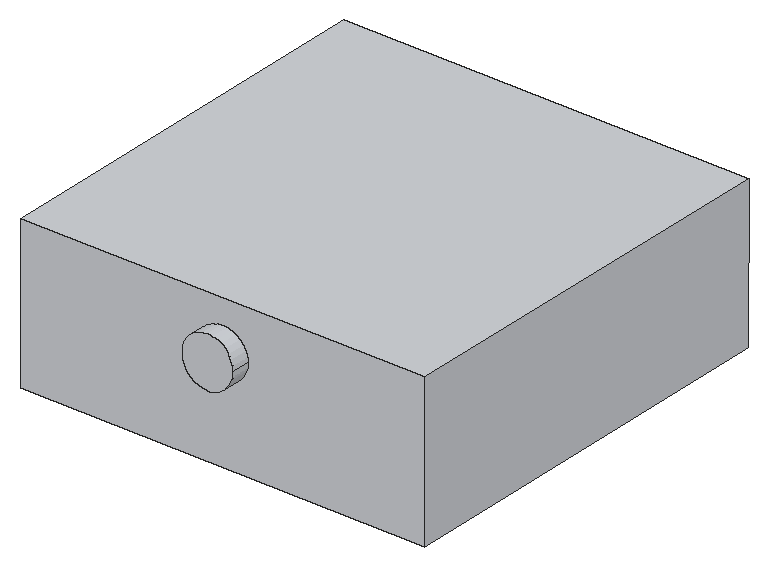
Revit family "Junction Box with Audio System", category Electrical Fixtures, host Face, Revit 2025
Family settings
  Host = Face
  Round Connector Dimension = Use Diameter
  Part Type = Junction Box
  Cut with Voids When Loaded = No
  Maintain Annotation Orientation = Yes
  Shared = No
  Room Calculation Point = No
Parameters (values of type "Wall Mounted")
  Width = 4"
  Wall Mounted = not(Face Mounted)  # yes
  Symbol Distance [instance] = 0"
  Height = 4"
  Face Mounted = no
  Top Depth = Depth * 2 / 3  # 1"
  Back Depth = Depth * 1 / 3  # 1/2"
  Depth = 1 1/2"
  Default Elevation = 48"
Types (2): name | Width | Wall Mounted | Height | Face Mounted
  Face Mounted | 3" | no | 3" | yes
  Wall Mounted | 4" | yes | 4" | no
Reference planes (in)
  plane 1 "Center (Front/Back)": y = 0
  plane 2: z = 0
  plane 3 "Center (Left/Right)": x = 0
  plane 4: z = 1
  plane 5 "base": z = -0.5
Forms (in)
  Extrusion 1, solid, detail levels medium+fine
    sketch origin (0, 0, -0.5) x (-1, 0, 0) y (0, -1, 0)
      loop
        line (2, -2) -> (2, 2) -> (-2, 2) -> (-2, -2) -> (2, -2)
    from 0 to 1.5
  Extrusion 2, solid
    sketch origin (0, 0, 0) x (1, 0, 0) y (0, 0, 1)
      loop
        circle (0, 0.50962) r 0.25
    from 2.18392 to 2
Dimensions and locks (in)
  equal spacing: Extrusion 1 sketch curve, plane 3 "Center (Left/Right)", Extrusion 1 sketch curve
  "Width": Extrusion 1 sketch curve to Extrusion 1 sketch curve
  "Height": Extrusion 1 sketch curve to Extrusion 1 sketch curve
  equal spacing: Extrusion 1 sketch curve, plane 1 "Center (Front/Back)", Extrusion 1 sketch curve
  "Back Depth": plane 2 to plane 5 "base"
  "Top Depth": plane 4 to plane 2
  aligned and locked: plane 2 to host face
  aligned and locked: level to host face
  aligned and locked: plane 4 to Extrusion 1
Automatic sketch dimensions
  host sketch curve to host sketch curve = 96"  (x2)
  Extrusion 2 sketch curve to plane 3 "Center (Left/Right)" = 0"
  Extrusion 2 sketch curve to plane 4 = 0.49038"
  radius of Extrusion 2 sketch curve = 1/4"
Connectors (in)
  electrical at (0, 0, 1)
    settings: on Extrusion 1, index 1, voltage 0 V, apparent load 0 VA, apparent load phase1 0 VA, apparent load phase2 0 VA, apparent load phase3 0 VA, power factor 1, load classification "Other", number of poles 1, system type 31, power factor state 1, is connector primary yes, connector utility no, sub classification motor no, connector description ""
